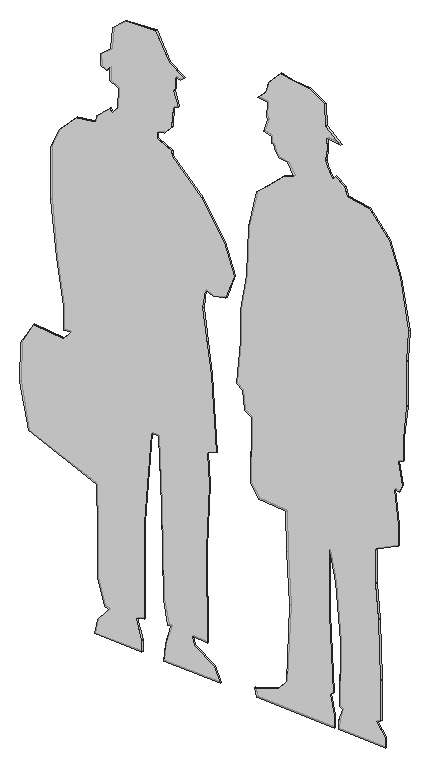
Revit family "ADSK_Антураж_ГруппаЛюдей_06", category Антураж, Revit 2019
Family settings
  На основе рабочей плоскости = Нет
  Всегда вертикально = Да
  При загрузке вырезать с полостями = Нет
  Источник визуального образа = Геометрия семейства
  Общий = Нет
  Точка расчета площади = Нет
Parameters (values of type "Тип")
  Show CAD detail [instance] = yes
  Высота = 0 mm
  Материал = Антураж
  ADSK_Версия семейства = "1.0"  # constant formula
  ADSK_Версия Revit = "v2019"  # constant formula
Reference planes
  plane 1 "Center (Front/Back)": y = 0
  plane 2: z = 0
  plane 3 "Center (Left/Right)": x = 0
  plane 4: z = 1600
Forms (mm)
  Extrusion 1, solid, material "Антураж" <- "Материал"
    sketch origin (0, 0, 0) x (1, 0, 0) y (0, 0, 1)
      loop
        line (-751.492, 509.078) -> (-532.378, 432.292) -> (-529.071, 306.695) -> (-529.071, 164.031) -> (-505.833, 91.04) -> (-492.707, 87.542) -> (-529.071, 44.591) -> (-539.03, 0) -> (-386.323, 0) -> (-386.323, 34.638) -> (-403.08, 91.576) -> (-379.684, 97.675) -> (-379.684, 373.05) -> (-356.604, 639.965) -> (-332.836, 640.731) -> (-323.249, 442.723) -> (-316.609, 177.302) -> (-303.331, 107.629) -> (-293.533, 107.113) -> (-309.97, 54.545) -> (-316.609, 0) -> (-134.025, 0) -> (-153.944, 41.273) -> (-217.018, 81.087) -> (-224.488, 103.481) -> (-177.182, 100.993) -> (-180.501, 369.732) -> (-170.542, 558.845) -> (-177.337, 647.122) -> (-147.304, 658.378) -> (-163.903, 874.033) -> (-190.461, 1059.828) -> (-184.02, 1111.316) -> (-157.263, 1102.959) -> (-117.427, 1112.912) -> (-90.869, 1185.903) -> (-120.747, 1272.165) -> (-193.674, 1374.978) -> (-288.732, 1459.801) -> (-290.529, 1475.368) -> (-336.148, 1496.316) -> (-336.053, 1513.544) -> (-313.29, 1517.68) -> (-290.052, 1544.222) -> (-286.457, 1601.71) -> (-270.133, 1607.26) -> (-283.623, 1651.075) -> (-277.947, 1656.752) -> (-280.119, 1690.618) -> (-262.72, 1688.442) -> (-251.341, 1698.779) -> (-297.888, 1726.691) -> (-341.331, 1804.223) -> (-437.527, 1798.02) -> (-479.936, 1763.906) -> (-486.142, 1699.813) -> (-519.242, 1673.969) -> (-518.207, 1639.855) -> (-500.623, 1631.585) -> (-489.235, 1644.967) -> (-489.235, 1607.26) -> (-462.677, 1593.988) -> (-465.997, 1537.586) -> (-481.443, 1518.289) -> (-489.235, 1527.633) -> (-532.391, 1491.138) -> (-535.711, 1474.549) -> (-595.465, 1464.595) -> (-651.9, 1411.511) -> (-678.458, 1351.791) -> (-678.458, 1199.174) -> (-661.86, 1039.921) -> (-638.621, 907.211) -> (-638.621, 837.538) -> (-615.384, 840.855) -> (-637.399, 814.453) -> (-734.893, 820.949) -> (-774.73, 754.593) -> (-778.049, 641.789) -> (-751.492, 509.078)
      loop
        line (16.747, 1723.905) -> (11.828, 1680.64) -> (17.807, 1674.665) -> (4.853, 1634.83) -> (27.772, 1628.855) -> (29.765, 1608.937) -> (35.245, 1608.937) -> (40.726, 1589.02) -> (53.679, 1575.078) -> (81.58, 1572.09) -> (100.73, 1539.857) -> (68.477, 1527.633) -> (18.681, 1484.502) -> (-17.835, 1454.642) -> (-44.393, 1345.156) -> (-51.033, 1202.492) -> (-70.951, 1096.323) -> (-70.951, 1006.744) -> (-84.23, 880.668) -> (-63.913, 867.132) -> (-57.672, 810.995) -> (-34.571, 799.452) -> (-37.754, 608.611) -> (-11.196, 572.116) -> (75.117, 568.798) -> (78.436, 452.677) -> (88.395, 303.377) -> (77.911, 79.846) -> (51.879, 51.227) -> (-24.475, 28.002) -> (-17.835, 0) -> (231.143, 0) -> (231.143, 36.442) -> (218.56, 92.625) -> (227.823, 97.675) -> (214.545, 319.966) -> (214.545, 506.364) -> (234.463, 419.499) -> (251.062, 256.928) -> (247.741, 67.815) -> (257.358, 63.697) -> (245.816, 28.472) -> (244.422, 0) -> (393.809, 0) -> (393.809, 31.32) -> (366.483, 67.354) -> (380.53, 71.133) -> (380.53, 190.573) -> (373.891, 363.097) -> (363.932, 462.63) -> (363.827, 560.533) -> (436.965, 595.341) -> (436.965, 655.06) -> (422.483, 752.758) -> (440.285, 751.276) -> (450.367, 773.948) -> (435.928, 838.885) -> (453.564, 844.173) -> (453.564, 907.211) -> (463.523, 1006.744) -> (463.523, 1136.137) -> (470.162, 1225.716) -> (443.605, 1368.38) -> (407.088, 1464.595) -> (344.013, 1534.269) -> (272.287, 1543.619) -> (264.34, 1567.446) -> (234.463, 1587.353) -> (225.497, 1578.919) -> (207.768, 1605.496) -> (204.144, 1622.88) -> (208.13, 1656.739) -> (207.224, 1687.521) -> (251.974, 1681.636) -> (204.144, 1720.475) -> (200.158, 1783.215) -> (151.332, 1811.099) -> (99.517, 1814.087) -> (58.662, 1821.058) -> (19.8, 1781.223) -> (9.835, 1748.359) -> (-17.069, 1724.459) -> (16.747, 1723.905)
    from 0 to 5
Lines and regions (mm)
  model lines
    curve 1: line (0, 150, 0) -> (0, -150, 0)
    curve 2: line (-150, 0, 0) -> (150, 0, 0)
Dimensions and locks
  aligned and locked: level to plane 2
